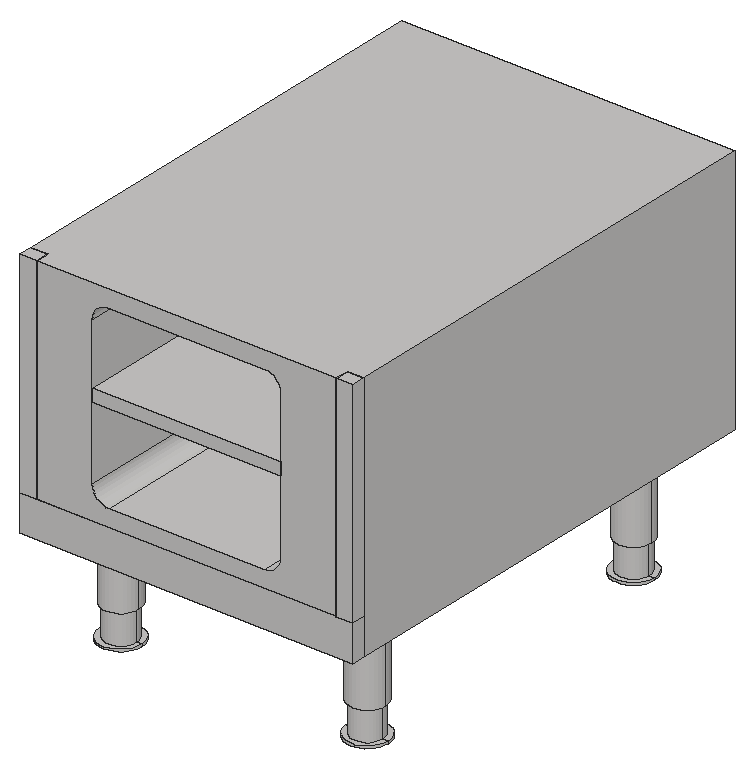
Revit family "QF_ELECTROLUXPROFESSIONAL_589806_MC1HCAFOOM", category Attrezzature speciali, Revit 2021
Family settings
  Quota connettore circolare = Usa diametro
  Tipo di parte = Normale
  Basato su piano di lavoro = No
  Sempre verticale = Sì
  Taglio con vuoti quando caricato = No
  Condiviso = No
  Punto di calcolo locali = No
Parameters (values of type "Standard")
  Weight = 21.00 kg
  Watts = 0 W
  Volts = 0 V
  URL Manufacturer = "https://www.electroluxprofessional.com/"
  URL = "https://www.electroluxprofessional.com/"
  Steam Supply Size = 0"
  Steam Supply Minimum Pressure = 0.00 psi
  Steam Supply Maximum Pressure = 0.00 psi
  Steam Consumption per Hour = 0
  Refrigeration Suction Line Size = 0 mm
  Refrigeration Liquid Line Size = 0 mm
  Refrigerant Compressor Remote = yes
  Prospetto di default = 0 mm
  Phase = 0
  Modello = "MC1HCAGOOM"
  Produttore = "Electrolux Professional"
  Length Actual = 700 mm  # constant formula
  Item Number = "589807"
  Hot Water Size = 0"
  Height Actual = 450 mm  # constant formula
  HP = "0 HP"
  Gas Size = 0"
  Gas KW = 0
  Gas Input Pressure = 0.0 Btu/h
  Direct Waste Size = 0"
  Descrizione = "OPEN BASE,H3,GN,1S,700X900X450 MARINE"
  Depth Actual = 900 mm  # constant formula
  Cycle = 0 Hz
  Condensate Return Size = 0"
  Compressed Air Volume = 0 GPM
  Compressed Air Size = 0"
  Compressed Air Pressure = 0.00 psi
  Cold Water Size = 0"
  Accessory = yes
Reference planes
  plane 1 "BACK": y = 0
  plane 2: z = 0
  plane 3 "LEFT": x = 0
  plane 4 "RIGHT": x = 600
  plane 5 "FRONT": y = -900
  plane 6 "PLAIN": z = 900
  plane 7 "Center (Left/Right)": x = 300
  plane 8 "Center (Front/Back)": y = -450
  plane 9 "TOP": z = 650
  plane 10 "BASE": z = 200
  plane 11: x = 522
  plane 12: x = 78
  plane 13 "Feet_back": y = -150
  plane 14 "Feet_Front": y = -750
  plane 15: x = 30
  plane 16: x = 570
  plane 17: z = 265
  plane 18: y = -20
  plane 19: y = -855
  plane 20: y = -45
  plane 21: y = -880
Forms (mm)
  Extrusion 1, solid, material "QF_Finishes_Stainless Steel"
    sketch origin (0, 0, 650) x (0, 1, 0) y (0, 0, 1)
      loop
        line (-20, -450) -> (-20, 0) -> (-855, 0) -> (-855, -450) -> (-20, -450)
    from 0 to 600
  Extrusion 2, solid, material "QF_Finishes_Stainless Steel"
    sketch origin (0, 0, 650) x (0, 1, 0) y (0, 0, 1)
      loop
        line (-880, -450) -> (-855, -450) -> (-855, -385) -> (-880, -385) -> (-880, -450)
    from 0 to 600
  Extrusion 3, void
    sketch origin (0, -900, 0) x (1, 0, 0) y (0, 0, 1)
      loop
        line (30, 650) -> (30, 265) -> (570, 265) -> (570, 650) -> (30, 650)
    from 0 to -855
  Extrusion 4, solid, material "QF_Finishes_Stainless Steel"
    sketch origin (0, -900, 0) x (1, 0, 0) y (0, 0, 1)
      loop
        line (30, 650) -> (30, 265) -> (570, 265) -> (570, 650) -> (30, 650)
      loop
        arc (470, 590) -> (461.213, 611.213) -> (440, 620) r 30
        line (440, 620) -> (160, 620)
        arc (160, 620) -> (138.787, 611.213) -> (130, 590) r 30
        line (130, 590) -> (130, 325)
        arc (130, 325) -> (138.787, 303.787) -> (160, 295) r 30
        line (160, 295) -> (440, 295)
        arc (440, 295) -> (461.213, 303.787) -> (470, 325) r 30
        line (470, 325) -> (470, 590)
    from -20 to -855
  Extrusion 5, solid, material "QF_Finishes_Stainless Steel"
    sketch origin (0, -900, 0) x (1, 0, 0) y (0, 0, 1)
      loop
        line (0, 650) -> (0, 265) -> (30, 265) -> (30, 650) -> (0, 650)
    from -20 to -45
  Extrusion 6, solid, material "QF_Finishes_Stainless Steel"
    sketch origin (0, -900, 0) x (1, 0, 0) y (0, 0, 1)
      loop
        line (570, 650) -> (570, 265) -> (600, 265) -> (600, 650) -> (570, 650)
    from -20 to -45
  Extrusion 7, solid, material "QF_Finishes_Stainless Steel"
    sketch origin (0, -900, -170) x (1, 0, 0) y (0, 0, 1)
      loop
        line (130, 650) -> (130, 627) -> (470, 627) -> (470, 650) -> (130, 650)
    from -20 to -855
Cuts and joins
  Extrusion 3 cuts Extrusion 1
  joined: Extrusion 1, Extrusion 4
Lines and regions (mm)
  symbolic lines, style "SpecialityEquipmentHiddenLines"
    curve 1: line (0, 0, 0) -> (600, 0, 0)
    curve 2: line (0, -900, 0) -> (0, 0, 0)
    curve 3: line (600, -900, 0) -> (0, -900, 0)
    curve 4: line (600, 0, 0) -> (600, -900, 0)
Dimensions and locks
  plane 3 "LEFT" to plane 4 "RIGHT" = 600 mm
  plane 5 "FRONT" to plane 1 "BACK" = 900 mm
  equal spacing: plane 3 "LEFT", plane 7 "Center (Left/Right)", plane 4 "RIGHT"
  equal spacing: plane 5 "FRONT", plane 8 "Center (Front/Back)", plane 1 "BACK"
  plane 6 "PLAIN" to plane 9 "TOP" = 250 mm
  plane 10 "BASE" to level = 200 mm
  plane 9 "TOP" to plane 10 "BASE" = 450 mm
  locked: plane 1 "BACK" to plane 13 "Feet_back" at 150
  locked: plane 12 to plane 3 "LEFT" at 78
  locked: plane 11 to plane 4 "RIGHT" at 78
  plane 16 to plane 15 = 540 mm
  equal spacing: plane 16, plane 7 "Center (Left/Right)", plane 15
  locked: plane 17 to plane 10 "BASE" at 65
  locked: plane 1 "BACK" to plane 18 at 20
  locked: Extrusion 4 sketch curve to plane 17 at 30
  plane 6 "PLAIN" to level = 900 mm
  Extrusion 4 to Extrusion 4 = 340 mm
  locked: plane 18 to plane 20 at 25
  locked: plane 21 to plane 5 "FRONT" at 20
  locked: plane 19 to plane 21 at 25
  plane 18 to plane 21 = 860 mm
  plane 13 "Feet_back" to plane 14 "Feet_Front" = 600 mm
  plane 14 "Feet_Front" to plane 21 = 130 mm
  aligned and locked: level to plane 2
  aligned and locked: Extrusion 1 to plane 4 "RIGHT"
  aligned and locked: Extrusion 1 to plane 3 "LEFT"
  aligned and locked: Extrusion 2 to plane 4 "RIGHT"
  aligned and locked: plane 9 "TOP" to Extrusion 3 sketch curve
  aligned and locked: Extrusion 3 sketch curve to plane 15
  aligned and locked: plane 16 to Extrusion 3 sketch curve
  aligned and locked: Extrusion 2 to plane 10 "BASE"
  aligned and locked: Extrusion 2 to plane 17
  aligned and locked: plane 17 to Extrusion 3 sketch curve
  aligned and locked: Extrusion 4 sketch curve to plane 15
  aligned and locked: plane 16 to Extrusion 4 sketch curve
  aligned and locked: plane 9 "TOP" to Extrusion 4 sketch curve
  aligned and locked: plane 17 to Extrusion 4 sketch curve
  aligned and locked: Extrusion 5 sketch curve to plane 9 "TOP"
  aligned and locked: plane 3 "LEFT" to Extrusion 5 sketch curve
  aligned and locked: Extrusion 5 sketch curve to plane 17
  aligned and locked: Extrusion 5 sketch curve to plane 15
  aligned and locked: Extrusion 6 sketch curve to plane 9 "TOP"
  aligned and locked: plane 16 to Extrusion 6 sketch curve
  aligned and locked: Extrusion 6 sketch curve to plane 17
  aligned and locked: plane 4 "RIGHT" to Extrusion 6 sketch curve
  aligned and locked: Extrusion 4 to plane 20
  aligned and locked: cut or joined group of Extrusion 1, Extrusion 3, Extrusion 4 to plane 20
  aligned and locked: cut or joined group of Extrusion 1, Extrusion 3, Extrusion 4 to plane 18
  aligned and locked: Extrusion 5 to plane 19
  aligned and locked: plane 21 to Extrusion 5
  aligned and locked: plane 21 to Extrusion 4
  aligned and locked: plane 21 to Extrusion 6
  aligned and locked: Extrusion 6 to plane 19
  aligned and locked: Extrusion 2 to plane 19
  aligned and locked: plane 21 to Extrusion 2
  aligned and locked: Extrusion 7 to plane 20
  aligned and locked: plane 12 to nested 1
  aligned and locked: plane 11 to nested 2
  aligned and locked: plane 13 "Feet_back" to nested 1
  aligned and locked: plane 13 "Feet_back" to nested 2
  aligned and locked: plane 11 to nested 4
Automatic sketch dimensions
  curve 3 to plane 3 "LEFT" = 0 mm
  curve 3 to plane 4 "RIGHT" = 0 mm
  plane 5 "FRONT" to curve 3 = 0 mm
  plane 1 "BACK" to curve 2 = 0 mm
  Extrusion 1 sketch curve to plane 10 "BASE" = 0 mm
  Extrusion 1 sketch curve to plane 19 = 0 mm
  Extrusion 1 sketch curve to plane 18 = 0 mm
  Extrusion 1 sketch curve to plane 9 "TOP" = 0 mm
  plane 17 to Extrusion 2 sketch curve = 0 mm
  Extrusion 2 sketch curve to plane 21 = 0 mm
  Extrusion 2 sketch curve to plane 10 "BASE" = 0 mm
  Extrusion 2 sketch curve to plane 19 = 0 mm
  plane 15 to Extrusion 7 sketch curve = 100 mm
  Extrusion 7 sketch curve to plane 16 = 100 mm
  Extrusion 7 sketch curve to plane 9 "TOP" = 193 mm
  Extrusion 7 sketch curve to Extrusion 7 sketch curve = 23 mm
  plane 12 to Extrusion 4 sketch curve = 52 mm
  plane 12 to Extrusion 4 sketch curve = 82 mm  (x2)
  Extrusion 4 sketch curve to plane 11 = 82 mm  (x2)
  Extrusion 4 sketch curve to plane 11 = 52 mm
  Extrusion 4 sketch curve to plane 9 "TOP" = 60 mm
Nested families
  nested 1: "FEET200_MARINE" at (78, -150, 0), type "FEET200_MARINE"
  nested 2: "FEET200_MARINE" at (522, -150, 0), type "FEET200_MARINE"
  nested 3: "FEET200_MARINE" at (78, -750, 0), type "FEET200_MARINE"
  nested 4: "FEET200_MARINE" at (522, -750, 0), type "FEET200_MARINE"
Definition of nested family "FEET200_MARINE"
  Parameters (values of type "FEET200_MARINE")
    Default Elevation = 0 mm
    FEET = 200 mm
  Reference planes
    plane 1 "Center (Front/Back)": y = 0
    plane 2: z = 0
    plane 3 "Center (Left/Right)": x = 0
    plane 4: z = 200
  Forms (mm)
    Revolve 1, solid
      sketch origin (0, 0, 0) x (1, 0, 0) y (0, 0, 1)
        loop
          line (0, 200) -> (-38, 200) -> (-38, 196) -> (-33, 196) -> (-33, 59) -> (-28, 59) -> (-28, 4) -> (-38, 4) -> (-38, 0) -> (0, 0) -> (0, 200)
        axis (0, 0) -> (0, 200)
      angle from 0 to 360
  Lines and regions (mm)
    symbolic lines
      curve 1: line (0, -1.503, 0) -> (0, 1.508, 0)
      curve 2: line (1.561, 0, 0) -> (-1.439, 0, 0)
  Dimensions and locks
    "FEET": plane 4 to plane 2
    aligned and locked: level to plane 2
  Automatic sketch dimensions
    plane 1 "Center (Front/Back)" to curve 2 = 0 mm
    curve 1 to plane 3 "Center (Left/Right)" = 0 mm
    curve 2 to plane 3 "Center (Left/Right)" = 1.439 mm
    plane 3 "Center (Left/Right)" to curve 2 = 1.561 mm
    plane 1 "Center (Front/Back)" to curve 1 = 1.503 mm
    curve 1 to plane 1 "Center (Front/Back)" = 1.508 mm
    Revolve 1 sketch curve to plane 4 = 0 mm
    Revolve 1 sketch curve to level = 0 mm  (x2)
    Revolve 1 sketch curve to plane 3 "Center (Left/Right)" = 0 mm  (x2)
    Revolve 1 sketch curve to plane 3 "Center (Left/Right)" = 28 mm
    Revolve 1 sketch curve to Revolve 1 sketch curve = 5 mm  (x2)
    level to Revolve 1 sketch curve = 4 mm
    Revolve 1 sketch curve to Revolve 1 sketch curve = 10 mm
    Revolve 1 sketch curve to Revolve 1 sketch curve = 55 mm
    plane 4 to Revolve 1 sketch curve = 40 mm
    Revolve 1 sketch curve to plane 4 = 4 mm
